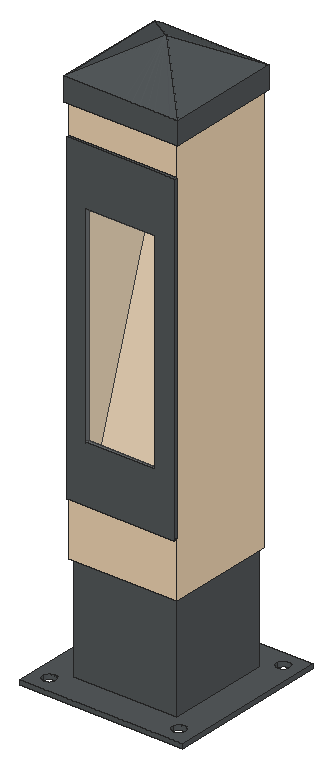
Revit family "Баум", category Осветительные приборы, Revit 2019 (continued)
Types (3, lengths in mm): name | Файл фотометрической сетки | built-in parameter 1150105 | Lumens | built-in parameter 1150106 | built-in parameter 1150142 | Wattage | h_столб низ | h_столб верх | ADSK_Фактическая мощность | ADSK_Размер_Высота | ADSK_Номинальная мощность | ADSK_Наименование | ADSK_Масса_Текст | ADSK_Масса | ADSK_Артикул
    0.2 0.2 0.2 0.4 0.6 0.4 0.4 0.4 0.4 0.4 0.4 0.4 0.4 0.4 0.4 0.4 0.4 0.4 0.4 0.4 0.4 0.4 0.4 0.4 0.4 0.4 0.4\r\n 0.6 0.4 0.4 0.4 0.4 0.4 0.4 0.4 0.4 0.4 0.6 0.4 0.4 0.4 0.4 0.4 0.4 0.4 0.4 0.4 0.4 0.4 0.4 0.4 0.4 0.4 0.4 0.4 0.4 0.4 0.6 0.4\r\n 0.4 0.4 0.4 0.4 0.4 0.4 0.4 0.4 0.4 0.4 0.4 0.4 0.4 0.4 0.4 0.4 0.4 0.4 0.4 0.4 0.4 0.4 0.4 0.4 0.4 0.4 0.4 0.4 0.4 0.4 0.4 0.4\r\n 0.4 0.4 0.4 0.4 0.4 0.4 0.4 0.4 0.4 0.4 0.4 0.4 0.4 0.4 0.4 0.4 0.4 0.4 0.4 0.4 0.4 0.4 0.4 0.4 0.4 0.4 0.4 0.4 0.4 0.4 0.4 0.4\r\n 0.4 0.4 0.4 0.4 0.4 0.4 0.4 0.4 0.4 0.4 0.4 0.4 0.4 0.4 0.4 0.4 0.4 0.4 0.4 0.4 0.4 0.4 0.4 0.4 0.4 0.4 0.4 0.4 0.4 0.4 0.4 0.4\r\n 0.4 0.4 0.4 0.4 0.4 0.4 0.4 0.4 0.4 0.2 0.2 0.2 0.2 0.2 0.2 0.2 0.2 0.2 0.0 0.0 0.0\r\n0.0 0.0 0.2 0.2 0.2 0.2 0.2 0.2 0.4 0.6 0.4 0.4 0.4 0.4 0.4 0.4 0.4 0.4 0.4 0.4 0.4 0.4 0.4 0.4 0.4 0.4 0.4 0.4 0.4 0.4 0.4 0.4\r\n 0.4 0.4 0.4 0.4 0.4 0.6 0.6 0.4 0.4 0.4 0.4 0.7 0.6 0.4 0.4 0.4 0.4 0.4 0.4 0.4 0.4 0.4 0.4 0.4 0.4 0.4 0.4 0.4 0.4 0.4 0.4 0.4\r\n 0.4 0.4 0.4 0.4 0.4 0.4 0.4 0.4 0.4 0.4 0.4 0.4 0.4 0.4 0.4 0.4 0.4 0.4 0.4 0.4 0.4 0.4 0.4 0.4 0.4 0.4 0.4 0.4 0.4 0.4 0.4 0.4\r\n 0.4 0.4 0.4 0.4 0.4 0.4 0.4 0.4 0.4 0.4 0.4 0.4 0.4 0.4 0.4 0.4 0.4 0.4 0.4 0.4 0.4 0.6 0.4 0.4 0.4 0.4 0.4 0.4 0.4 0.4 0.4 0.4\r\n 0.4 0.4 0.4 0.4 0.4 0.4 0.4 0.4 0.4 0.4 0.4 0.4 0.4 0.4 0.4 0.4 0.4 0.4 0.4 0.4 0.4 0.4 0.4 0.4 0.4 0.4 0.4 0.4 0.4 0.4 0.4 0.4\r\n 0.4 0.4 0.4 0.4 0.4 0.4 0.4 0.4 0.4 0.2 0.2 0.2 0.2 0.2 0.2 0.2 0.2 0.2 0.0 0.0 0.0\r\n0.0 0.0 0.2 0.2 0.2 0.2 0.2 0.2 0.4 0.6 0.4 0.4 0.4 0.4 0.4 0.4 0.4 0.4 0.4 0.4 0.4 0.4 0.4 0.4 0.4 0.4 0.4 0.4 0.4 0.4 0.4 0.4\r\n 0.4 0.4 0.4 0.4 0.4 0.6 0.4 0.4 0.4 0.4 0.4 0.6 0.4 0.4 0.4 0.4 0.4 0.4 0.4 0.4 0.4 0.4 0.4 0.4 0.4 0.4 0.4 0.4 0.4 0.4 0.4 0.4\r\n 0.4 0.4 0.4 0.4 0.4 0.4 0.4 0.4 0.4 0.4 0.4 0.4 0.4 0.4 0.4 0.4 0.4 0.4 0.4 0.4 0.4 0.4 0.4 0.4 0.4 0.4 0.4 0.4 0.4 0.4 0.4 0.4\r\n 0.4 0.4 0.4 0.4 0.4 0.4 0.4 0.4 0.4 0.4 0.4 0.4 0.4 0.4 0.4 0.4 0.4 0.4 0.4 0.4 0.4 0.7 0.4 0.4 0.4 0.4 0.4 0.4 0.4 0.4 0.4 0.4\r\n 0.4 0.4 0.4 0.4 0.4 0.4 0.4 0.4 0.4 0.4 0.4 0.4 0.4 0.4 0.4 0.4 0.4 0.4 0.4 0.4 0.4 0.4 0.4 0.4 0.4 0.4 0.4 0.4 0.4 0.4 0.4 0.4\r\n 0.4 0.4 0.4 0.4 0.4 0.4 0.4 0.4 0.4 0.2 0.2 0.2 0.2 0.2 0.2 0.2 0.2 0.2 0.0 0.0 0.0\r\n0.0 0.0 0.2 0.2 0.2 0.2 0.2 0.2 0.4 0.4 0.4 0.4 0.4 0.4 0.4 0.4 0.4 0.4 0.4 0.4 0.4 0.4 0.4 0.4 0.4 0.4 0.4 0.4 0.4 0.4 0.4 0.4\r\n 0.4 0.4 0.4 0.4 0.4 0.4 0.4 0.4 0.4 0.4 0.4 0.4 0.4 0.4 0.4 0.4 0.4 0.4 0.4 0.4 0.4 0.4 0.4 0.4 0.4 0.4 0.4 0.4 0.4 0.4 0.4 0.4\r\n 0.4 0.4 0.4 0.4 0.4 0.4 0.4 0.4 0.4 0.4 0.4 0.4 0.4 0.4 0.4 0.4 0.4 0.4 0.4 0.4 0.4 0.4 0.4 0.4 0.4 0.4 0.4 0.4 0.4 0.4 0.4 0.4\r\n 0.4 0.4 0.4 0.4 0.4 0.4 0.4 0.4 0.4 0.4 0.4 0.4 0.4 0.4 0.4 0.4 0.4 0.4 0.4 0.4 0.4 0.4 0.4 0.4 0.4 0.4 0.4 0.4 0.4 0.4 0.4 0.4\r\n 0.4 0.4 0.4 0.4 0.4 0.4 0.4 0.4 0.4 0.4 0.4 0.4 0.4 0.4 0.4 0.4 0.4 0.4 0.4 0.4 0.4 0.4 0.4 0.4 0.4 0.4 0.4 0.4 0.4 0.4 0.4 0.4\r\n 0.4 0.4 0.4 0.4 0.4 0.4 0.4 0.4 0.4 0.2 0.2 0.2 0.2 0.2 0.2 0.2 0.2 0.2 0.0 0.0 0.0\r\n0.0 0.0 0.2 0.2 0.2 0.2 0.2 0.2 0.4 0.4 0.4 0.4 0.4 0.4 0.4 0.4 0.4 0.4 0.4 0.4 0.4 0.4 0.4 0.4 0.4 0.4 0.4 0.4 0.4 0.4 0.4 0.4\r\n 0.4 0.4 0.4 0.4 0.4 0.4 0.4 0.4 0.4 0.4 0.4 0.4 0.4 0.4 0.4 0.4 0.4 0.4 0.4 0.4 0.4 0.4 0.4 0.4 0.4 0.4 0.4 0.4 0.4 0.4 0.4 0.4\r\n 0.4 0.4 0.4 0.4 0.4 0.4 0.4 0.4 0.4 0.4 0.4 0.4 0.4 0.4 0.4 0.4 0.4 0.4 0.4 0.4 0.4 0.4 0.4 0.4 0.4 0.4 0.4 0.4 0.4 0.4 0.4 0.4\r\n 0.4 0.4 0.4 0.4 0.4 0.4 0.4 0.4 0.4 0.4 0.4 0.4 0.4 0.4 0.4 0.4 0.4 0.4 0.4 0.4 0.4 0.4 0.4 0.4 0.4 0.4 0.4 0.4 0.4 0.4 0.4 0.4\r\n 0.4 0.4 0.4 0.4 0.4 0.4 0.4 0.4 0.4 0.4 0.4 0.4 0.4 0.4 0.4 0.4 0.4 0.4 0.4 0.4 0.4 0.4 0.4 0.4 0.4 0.4 0.4 0.4 0.4 0.4 0.4 0.4\r\n 0.4 0.4 0.4 0.4 0.4 0.4 0.4 0.4 0.4 0.2 0.2 0.2 0.2 0.2 0.2 0.2 0.2 0.2 0.0 0.0 0.0\r\n0.0 0.0 0.2 0.2 0.2 0.2 0.2 0.2 0.4 0.4 0.4 0.4 0.4 0.4 0.4 0.4 0.4 0.4 0.4 0.4 0.4 0.4 0.4 0.4 0.4 0.4 0.4 0.4 0.4 0.4 0.4 0.4\r\n 0.4 0.4 0.4 0.4 0.4 0.4 0.4 0.4 0.4 0.4 0.4 0.4 0.4 0.4 0.4 0.4 0.4 0.4 0.4 0.4 0.4 0.4 0.4 0.4 0.4 0.4 0.4 0.4 0.4 0.4 0.4 0.4\r\n 0.4 0.4 0.4 0.4 0.4 0.4 0.4 0.4 0.4 0.4 0.4 0.4 0.4 0.4 0.4 0.4 0.4 0.4 0.4 0.4 0.4 0.4 0.4 0.4 0.4 0.4 0.4 0.4 0.4 0.4 0.4 0.4\r\n 0.4 0.4 0.4 0.4 0.4 0.4 0.4 0.4 0.4 0.4 0.4 0.4 0.4 0.4 0.4 0.4 0.4 0.4 0.4 0.4 0.4 0.4 0.4 0.4 0.4 0.4 0.4 0.4 0.4 0.4 0.4 0.4\r\n 0.4 0.4 0.4 0.4 0.4 0.4 0.4 0.4 0.4 0.4 0.4 0.4 0.4 0.4 0.4 0.4 0.4 0.4 0.4 0.4 0.4 0.4 0.4 0.4 0.4 0.4 0.4 0.4 0.4 0.4 0.4 0.4\r\n 0.4 0.4 0.4 0.4 0.4 0.4 0.4 0.4 0.4 0.2 0.2 0.2 0.2 0.2 0.2 0.2 0.2 0.2 0.0 0.0 0.0\r\n0.0 0.0 0.2 0.2 0.2 0.2 0.2 0.2 0.4 0.4 0.4 0.4 0.4 0.4 0.4 0.4 0.4 0.4 0.4 0.4 0.4 0.4 0.4 0.4 0.4 0.4 0.4 0.4 0.4 0.4 0.4 0.4\r\n 0.4 0.4 0.4 0.4 0.4 0.4 0.4 0.4 0.4 0.4 0.4 0.4 0.4 0.4 0.4 0.4 0.4 0.4 0.4 0.4 0.4 0.4 0.4 0.4 0.4 0.4 0.4 0.4 0.4 0.4 0.4 0.4\r\n 0.4 0.4 0.4 0.4 0.4 0.4 0.4 0.4 0.4 0.4 0.4 0.4 0.4 0.4 0.4 0.4 0.4 0.4 0.4 0.4 0.4 0.4 0.4 0.4 0.4 0.4 0.4 0.4 0.4 0.4 0.4 0.4\r\n 0.4 0.4 0.4 0.4 0.4 0.4 0.4 0.4 0.4 0.4 0.4 0.4 0.4 0.4 0.4 0.4 0.4 0.4 0.4 0.4 0.4 0.4 0.4 0.4 0.4 0.4 0.4 0.4 0.4 0.4 0.4 0.4\r\n 0.4 0.4 0.4 0.4 0.4 0.4 0.4 0.4 0.4 0.4 0.4 0.4 0.4 0.4 0.4 0.4 0.4 0.4 0.4 0.4 0.4 0.4 0.4 0.4 0.4 0.4 0.4 0.4 0.4 0.4 0.4 0.4\r\n 0.4 0.4 0.4 0.4 0.4 0.4 0.4 0.4 0.4 0.2 0.2 0.2 0.2 0.2 0.2 0.2 0.2 0.2 0.0 0.0 0.0\r\n0.0 0.0 0.2 0.2 0.2 0.2 0.2 0.2 0.4 0.4 0.4 0.4 0.4 0.4 0.4 0.4 0.4 0.4 0.4 0.4 0.4 0.4 0.4 0.4 0.4 0.4 0.4 0.4 0.4 0.4 0.4 0.4\r\n 0.4 0.4 0.4 0.4 0.4 0.4 0.4 0.4 0.4 0.4 0.4 0.4 0.4 0.4 0.4 0.4 0.4 0.4 0.4 0.4 0.4 0.4 0.4 0.4 0.4 0.4 0.4 0.4 0.4 0.4 0.4 0.4\r\n 0.4 0.4 0.4 0.4 0.4 0.4 0.4 0.4 0.4 0.4 0.4 0.4 0.4 0.4 0.4 0.4 0.4 0.4 0.4 0.4 0.4 0.4 0.4 0.4 0.4 0.4 0.4 0.4 0.4 0.4 0.4 0.4\r\n 0.4 0.4 0.4 0.4 0.4 0.4 0.4 0.4 0.4 0.4 0.4 0.4 0.4 0.4 0.4 0.4 0.4 0.4 0.4 0.4 0.4 0.4 0.4 0.4 0.4 0.4 0.4 0.4 0.4 0.4 0.4 0.4\r\n 0.4 0.4 0.4 0.4 0.4 0.4 0.4 0.4 0.4 0.4 0.4 0.4 0.4 0.4 0.4 0.4 0.4 0.4 0.4 0.4 0.4 0.4 0.4 0.4 0.4 0.4 0.4 0.4 0.4 0.4 0.4 0.4\r\n 0.4 0.4 0.4 0.4 0.4 0.4 0.4 0.4 0.4 0.2 0.2 0.2 0.2 0.2 0.2 0.2 0.2 0.2 0.0 0.0 0.0\r\n0.0 0.0 0.2 0.2 0.2 0.2 0.2 0.2 0.4 0.4 0.4 0.4 0.4 0.4 0.4 0.4 0.4 0.4 0.4 0.4 0.4 0.4 0.4 0.4 0.4 0.4 0.4 0.4 0.4 0.4 0.4 0.4\r\n 0.4 0.4 0.4 0.4 0.4 0.4 0.4 0.4 0.4 0.4 0.4 0.4 0.4 0.4 0.4 0.4 0.4 0.4 0.4 0.4 0.4 0.4 0.4 0.4 0.4 0.4 0.4 0.4 0.4 0.4 0.4 0.4\r\n 0.4 0.4 0.4 0.4 0.4 0.4 0.4 0.4 0.4 0.4 0.4 0.4 0.4 0.4 0.4 0.4 0.4 0.4 0.4 0.4 0.4 0.4 0.4 0.4 0.4 0.4 0.4 0.4 0.4 0.4 0.4 0.4\r\n 0.4 0.4 0.4 0.4 0.4 0.4 0.4 0.4 0.4 0.4 0.4 0.4 0.4 0.4 0.4 0.4 0.4 0.4 0.4 0.4 0.4 0.4 0.4 0.4 0.4 0.4 0.4 0.4 0.4 0.4 0.4 0.4\r\n 0.4 0.4 0.4 0.4 0.4 0.4 0.4 0.4 0.4 0.4 0.4 0.4 0.4 0.4 0.4 0.4 0.4 0.4 0.4 0.4 0.4 0.4 0.4 0.4 0.4 0.4 0.4 0.4 0.4 0.4 0.4 0.4\r\n 0.4 0.4 0.4 0.4 0.4 0.4 0.4 0.4 0.4 0.2 0.2 0.2 0.2 0.2 0.2 0.2 0.2 0.2 0.0 0.0 0.0\r\n0.0 0.0 0.2 0.2 0.2 0.2 0.2 0.2 0.4 0.4 0.4 0.4 0.4 0.4 0.4 0.4 0.4 0.4 0.4 0.4 0.4 0.4 0.4 0.4 0.4 0.4 0.4 0.4 0.4 0.4 0.4 0.4\r\n 0.4 0.4 0.4 0.4 0.4 0.4 0.4 0.4 0.4 0.4 0.4 0.4 0.4 0.4 0.4 0.4 0.4 0.4 0.4 0.4 0.4 0.4 0.4 0.4 0.4 0.4 0.4 0.4 0.4 0.4 0.4 0.4\r\n 0.4 0.4 0.4 0.4 0.4 0.4 0.4 0.4 0.4 0.4 0.4 0.4 0.4 0.4 0.4 0.4 0.4 0.4 0.4 0.4 0.4 0.4 0.4 0.4 0.4 0.4 0.4 0.4 0.4 0.4 0.4 0.4\r\n 0.4 0.4 0.4 0.4 0.4 0.4 0.4 0.4 0.4 0.4 0.4 0.4 0.4 0.4 0.4 0.4 0.4 0.4 0.4 0.4 0.4 0.4 0.4 0.4 0.4 0.4 0.4 0.4 0.4 0.4 0.4 0.4\r\n 0.4 0.4 0.4 0.4 0.4 0.4 0.4 0.4 0.4 0.4 0.4 0.4 0.4 0.4 0.4 0.4 0.4 0.4 0.4 0.4 0.4 0.4 0.4 0.4 0.4 0.4 0.4 0.4 0.4 0.4 0.4 0.4\r\n 0.4 0.4 0.4 0.4 0.4 0.4 0.4 0.4 0.4 0.2 0.2 0.2 0.2 0.2 0.2 0.2 0.2 0.2 0.0 0.0 0.0\r\n0.0 0.0 0.0 0.2 0.2 0.2 0.2 0.2 0.4 0.4 0.4 0.4 0.4 0.4 0.4 0.4 0.4 0.4 0.4 0.4 0.4 0.4 0.4 0.4 0.4 0.4 0.4 0.4 0.4 0.4 0.4 0.4\r\n 0.4 0.4 0.4 0.4 0.4 0.4 0.4 0.4 0.4 0.4 0.4 0.4 0.4 0.4 0.4 0.4 0.4 0.4 0.4 0.4 0.4 0.4 0.4 0.4 0.4 0.4 0.4 0.4 0.4 0.4 0.4 0.4\r\n 0.4 0.4 0.4 0.4 0.4 0.4 0.4 0.4 0.4 0.4 0.4 0.4 0.4 0.4 0.4 0.4 0.4 0.4 0.4 0.4 0.4 0.4 0.4 0.4 0.4 0.4 0.4 0.4 0.4 0.4 0.4 0.4\r\n 0.4 0.4 0.4 0.4 0.4 0.4 0.4 0.4 0.4 0.4 0.4 0.4 0.4 0.4 0.4 0.4 0.4 0.4 0.4 0.4 0.4 0.4 0.4 0.4 0.4 0.4 0.4 0.4 0.4 0.4 0.4 0.4\r\n 0.4 0.4 0.4 0.4 0.4 0.4 0.4 0.4 0.4 0.4 0.4 0.4 0.4 0.4 0.4 0.4 0.4 0.4 0.4 0.4 0.4 0.4 0.4 0.4 0.4 0.4 0.4 0.4 0.4 0.4 0.4 0.4\r\n 0.4 0.4 0.4 0.4 0.4 0.4 0.4 0.4 0.4 0.2 0.2 0.2 0.2 0.2 0.2 0.2 0.2 0.2 0.0 0.0 0.0\r\n0.0 0.0 0.0 0.2 0.2 0.2 0.2 0.2 0.4 0.4 0.4 0.4 0.4 0.4 0.4 0.4 0.4 0.4 0.4 0.4 0.4 0.4 0.4 0.4 0.4 0.4 0.4 0.4 0.4 0.4 0.4 0.4\r\n 0.4 0.4 0.4 0.4 0.4 0.4 0.4 0.4 0.4 0.4 0.4 0.4 0.4 0.4 0.4 0.4 0.4 0.4 0.4 0.4 0.4 0.4 0.4 0.4 0.4 0.4 0.4 0.4 0.4 0.4 0.4 0.4\r\n 0.4 0.4 0.4 0.4 0.4 0.4 0.4 0.4 0.4 0.4 0.4 0.4 0.4 0.4 0.4 0.4 0.4 0.4 0.4 0.4 0.4 0.4 0.4 0.4 0.4 0.4 0.4 0.4 0.4 0.4 0.4 0.4\r\n 0.4 0.4 0.4 0.4 0.4 0.4 0.4 0.4 0.4 0.4 0.4 0.4 0.4 0.4 0.4 0.4 0.4 0.4 0.4 0.4 0.4 0.4 0.4 0.4 0.4 0.4 0.4 0.4 0.4 0.4 0.4 0.4\r\n 0.4 0.4 0.4 0.4 0.4 0.4 0.4 0.4 0.4 0.4 0.4 0.4 0.4 0.4 0.4 0.4 0.4 0.4 0.4 0.4 0.4 0.4 0.4 0.4 0.4 0.4 0.4 0.4 0.4 0.4 0.4 0.4\r\n 0.4 0.4 0.4 0.4 0.4 0.4 0.4 0.4 0.4 0.2 0.2 0.2 0.2 0.2 0.2 0.2 0.2 0.2 0.0 0.0 0.0\r\n0.0 0.0 0.0 0.2 0.2 0.2 0.2 0.2 0.4 0.4 0.4 0.4 0.4 0.4 0.4 0.4 0.4 0.4 0.4 0.4 0.4 0.4 0.4 0.4 0.4 0.6 0.4 0.4 0.4 0.4 0.4 0.4\r\n 0.4 0.4 0.4 0.4 0.4 0.4 0.4 0.4 0.4 0.4 0.4 0.4 0.4 0.4 0.4 0.4 0.4 0.4 0.4 0.4 0.4 0.4 0.4 0.4 0.4 0.4 0.4 0.4 0.4 0.4 0.4 0.4\r\n 0.4 0.4 0.4 0.4 0.4 0.4 0.4 0.4 0.4 0.4 0.4 0.4 0.4 0.4 0.4 0.4 0.4 0.4 0.4 0.4 0.4 0.4 0.4 0.4 0.4 0.4 0.4 0.4 0.4 0.4 0.4 0.4\r\n 0.4 0.4 0.4 0.4 0.4 0.4 0.4 0.4 0.4 0.4 0.4 0.4 0.4 0.4 0.4 0.4 0.4 0.4 0.4 0.4 0.4 0.4 0.4 0.4 0.4 0.4 0.4 0.4 0.4 0.4 0.4 0.4\r\n 0.4 0.4 0.4 0.4 0.4 0.4 0.4 0.4 0.4 0.4 0.4 0.4 0.4 0.4 0.4 0.4 0.4 0.4 0.4 0.4 0.4 0.4 0.4 0.4 0.4 0.4 0.4 0.4 0.4 0.4 0.4 0.4\r\n 0.4 0.4 0.4 0.4 0.4 0.4 0.4 0.4 0.4 0.2 0.2 0.2 0.2 0.2 0.2 0.2 0.2 0.2 0.0 0.0 0.0\r\n0.0 0.0 0.0 0.2 0.2 0.2 0.2 0.2 0.4 0.4 0.4 0.4 0.4 0.4 0.4 0.4 0.4 0.4 0.4 0.4 0.4 0.4 0.4 0.4 0.4 0.4 0.4 0.4 0.4 0.4 0.4 0.4\r\n 0.4 0.4 0.4 0.4 0.4 0.4 0.4 0.4 0.4 0.4 0.4 0.4 0.4 0.4 0.4 0.4 0.4 0.4 0.4 0.4 0.4 0.4 0.4 0.4 0.4 0.4 0.4 0.4 0.4 0.4 0.4 0.4\r\n 0.4 0.4 0.4 0.4 0.4 0.4 0.4 0.4 0.4 0.4 0.4 0.4 0.4 0.4 0.4 0.4 0.4 0.4 0.4 0.4 0.4 0.4 0.4 0.4 0.4 0.4 0.4 0.4 0.4 0.4 0.4 0.4\r\n 0.4 0.4 0.4 0.4 0.4 0.4 0.4 0.4 0.4 0.4 0.4 0.4 0.4 0.4 0.4 0.4 0.4 0.4 0.4 0.4 0.4 0.4 0.4 0.4 0.4 0.4 0.4 0.4 0.4 0.4 0.4 0.4\r\n 0.4 0.4 0.4 0.4 0.4 0.4 0.4 0.4 0.4 0.4 0.4 0.4 0.4 0.6 0.4 0.4 0.4 0.4 0.4 0.4 0.4 0.4 0.4 0.4 0.4 0.4 0.4 0.4 0.4 0.4 0.4 0.4\r\n 0.4 0.4 0.4 0.4 0.4 0.4 0.4 0.4 0.4 0.2 0.2 0.2 0.2 0.2 0.2 0.2 0.2 0.2 0.0 0.0 0.0\r\n0.0 0.0 0.0 0.0 0.2 0.2 0.2 0.2 0.4 0.4 0.4 0.4 0.4 0.4 0.4 0.4 0.4 0.4 0.4 0.4 0.4 0.4 0.4 0.4 0.4 0.4 0.4 0.4 0.4 0.4 0.4 0.4\r\n 0.4 0.4 0.4 0.4 0.4 0.4 0.4 0.4 0.4 0.4 0.4 0.4 0.4 0.4 0.4 0.4 0.4 0.4 0.4 0.4 0.4 0.4 0.4 0.4 0.4 0.4 0.4 0.4 0.4 0.4 0.4 0.4\r\n 0.4 0.4 0.4 0.4 0.4 0.4 0.4 0.4 0.4 0.4 0.4 0.4 0.4 0.4 0.4 0.4 0.4 0.4 0.4 0.4 0.4 0.4 0.4 0.4 0.4 0.4 0.4 0.4 0.4 0.4 0.4 0.4\r\n 0.4 0.4 0.4 0.4 0.4 0.4 0.4 0.4 0.4 0.4 0.4 0.4 0.4 0.4 0.4 0.4 0.4 0.4 0.4 0.4 0.4 0.4 0.4 0.4 0.4 0.4 0.4 0.4 0.4 0.4 0.4 0.4\r\n 0.4 0.4 0.4 0.4 0.4 0.4 0.4 0.4 0.4 0.4 0.4 0.4 0.4 0.4 0.4 0.4 0.4 0.4 0.4 0.4 0.4 0.4 0.4 0.4 0.4 0.4 0.4 0.4 0.4 0.4 0.4 0.4\r\n 0.4 0.4 0.4 0.4 0.4 0.4 0.4 0.4 0.4 0.2 0.2 0.2 0.2 0.2 0.2 0.2 0.2 0.2 0.0 0.0 0.0\r\n0.0 0.0 0.0 0.0 0.2 0.2 0.2 0.2 0.4 0.4 0.4 0.4 0.4 0.4 0.4 0.4 0.4 0.4 0.4 0.4 0.4 0.4 0.4 0.4 0.4 0.4 0.4 0.4 0.4 0.4 0.4 0.4\r\n 0.4 0.4 0.4 0.4 0.4 0.4 0.4 0.4 0.4 0.4 0.4 0.4 0.4 0.4 0.4 0.4 0.4 0.4 0.4 0.4 0.4 0.4 0.4 0.4 0.4 0.4 0.4 0.4 0.4 0.4 0.4 0.4\r\n 0.4 0.4 0.4 0.4 0.4 0.4 0.4 0.4 0.4 0.4 0.4 0.4 0.4 0.4 0.4 0.4 0.4 0.4 0.4 0.4 0.4 0.4 0.4 0.4 0.4 0.4 0.4 0.4 0.4 0.4 0.4 0.4\r\n 0.4 0.4 0.4 0.4 0.4 0.4 0.4 0.4 0.4 0.4 0.4 0.4 0.4 0.4 0.4 0.4 0.4 0.4 0.4 0.4 0.4 0.4 0.4 0.4 0.4 0.4 0.4 0.4 0.4 0.4 0.4 0.4\r\n 0.4 0.4 0.4 0.4 0.4 0.4 0.4 0.4 0.4 0.4 0.4 0.4 0.4 0.4 0.4 0.4 0.4 0.4 0.4 0.4 0.4 0.4 0.4 0.4 0.4 0.4 0.4 0.4 0.4 0.4 0.4 0.4\r\n 0.4 0.4 0.4 0.4 0.4 0.4 0.4 0.4 0.4 0.2 0.2 0.2 0.2 0.2 0.2 0.2 0.2 0.2 0.0 0.0 0.0\r\n0.0 0.0 0.0 0.0 0.2 0.2 0.2 0.2 0.4 0.4 0.4 0.4 0.4 0.4 0.4 0.4 0.4 0.4 0.4 0.4 0.4 0.4 0.4 0.4 0.4 0.4 0.4 0.4 0.4 0.4 0.4 0.4\r\n 0.4 0.4 0.4 0.4 0.4 0.4 0.4 0.4 0.4 0.4 0.4 0.4 0.4 0.4 0.4 0.4 0.4 0.4 0.4 0.4 0.4 0.4 0.4 0.4 0.4 0.4 0.4 0.4 0.4 0.4 0.4 0.4\r\n 0.4 0.4 0.4 0.4 0.4 0.4 0.4 0.4 0.4 0.4 0.4 0.4 0.4 0.4 0.4 0.4 0.4 0.4 0.4 0.4 0.4 0.4 0.4 0.4 0.4 0.4 0.4 0.4 0.4 0.4 0.4 0.4\r\n 0.4 0.4 0.4 0.4 0.4 0.4 0.4 0.4 0.4 0.4 0.4 0.4 0.4 0.4 0.4 0.4 0.4 0.4 0.4 0.4 0.4 0.4 0.4 0.4 0.4 0.4 0.4 0.4 0.4 0.4 0.4 0.4\r\n 0.4 0.4 0.4 0.4 0.4 0.4 0.4 0.4 0.4 0.4 0.4 0.4 0.4 0.4 0.4 0.4 0.4 0.4 0.4 0.4 0.4 0.4 0.4 0.4 0.4 0.4 0.4 0.4 0.4 0.4 0.4 0.4\r\n 0.4 0.4 0.4 0.4 0.4 0.4 0.4 0.4 0.4 0.2 0.2 0.2 0.2 0.2 0.2 0.2 0.2 0.2 0.0 0.0 0.0\r\n0.0 0.0 0.0 0.0 0.0 0.2 0.2 0.2 0.4 0.4 0.4 0.4 0.4 0.4 0.4 0.4 0.4 0.4 0.4 0.4 0.4 0.4 0.4 0.4 0.4 0.4 0.4 0.4 0.4 0.4 0.4 0.4\r\n 0.4 0.4 0.4 0.4 0.4 0.4 0.4 0.4 0.4 0.4 0.4 0.4 0.4 0.4 0.4 0.4 0.4 0.4 0.4 0.4 0.4 0.4 0.4 0.4 0.4 0.4 0.4 0.4 0.4 0.4 0.4 0.4\r\n 0.4 0.4 0.4 0.4 0.4 0.4 0.4 0.4 0.4 0.4 0.4 0.4 0.4 0.4 0.4 0.4 0.4 0.4 0.4 0.4 0.4 0.4 0.4 0.4 0.4 0.4 0.4 0.4 0.4 0.4 0.4 0.4\r\n 0.4 0.4 0.4 0.4 0.4 0.4 0.4 0.4 0.4 0.4 0.4 0.4 0.4 0.4 0.4 0.4 0.4 0.4 0.4 0.4 0.4 0.4 0.4 0.4 0.4 0.4 0.4 0.4 0.4 0.4 0.4 0.4\r\n 0.4 0.4 0.4 0.4 0.4 0.4 0.4 0.4 0.4 0.4 0.4 0.4 0.4 0.4 0.4 0.4 0.4 0.4 0.4 0.4 0.4 0.4 0.4 0.4 0.4 0.4 0.4 0.4 0.4 0.4 0.4 0.4\r\n 0.4 0.4 0.4 0.4 0.4 0.4 0.4 0.4 0.4 0.2 0.2 0.2 0.2 0.2 0.2 0.2 0.2 0.2 0.0 0.0 0.0\r\n0.0 0.0 0.0 0.0 0.0 0.2 0.2 0.2 0.4 0.4 0.4 0.4 0.4 0.4 0.4 0.4 0.4 0.4 0.4 0.4 0.4 0.4 0.4 0.4 0.4 0.4 0.4 0.4 0.4 0.4 0.4 0.4\r\n 0.4 0.4 0.4 0.4 0.4 0.4 0.4 0.4 0.4 0.4 0.4 0.4 0.4 0.4 0.4 0.4 0.4 0.4 0.4 0.4 0.4 0.4 0.4 0.4 0.4 0.4 0.4 0.4 0.4 0.4 0.4 0.4\r\n 0.4 0.4 0.4 0.4 0.4 0.4 0.4 0.4 0.4 0.4 0.4 0.4 0.4 0.4 0.4 0.4 0.4 0.4 0.4 0.4 0.4 0.4 0.4 0.4 0.4 0.4 0.4 0.4 0.4 0.4 0.4 0.4\r\n 0.4 0.4 0.4 0.4 0.4 0.4 0.4 0.4 0.4 0.4 0.4 0.4 0.4 0.4 0.4 0.4 0.4 0.4 0.4 0.4 0.4 0.4 0.4 0.4 0.4 0.4 0.4 0.4 0.4 0.4 0.4 0.4\r\n 0.4 0.4 0.4 0.4 0.4 0.4 0.4 0.4 0.4 0.4 0.4 0.4 0.4 0.4 0.4 0.4 0.4 0.4 0.4 0.4 0.4 0.4 0.4 0.4 0.4 0.4 0.4 0.4 0.4 0.4 0.4 0.4\r\n 0.4 0.4 0.4 0.4 0.4 0.4 0.4 0.4 0.4 0.2 0.2 0.2 0.2 0.2 0.2 0.2 0.2 0.2 0.0 0.0 0.0\r\n0.0 0.0 0.0 0.0 0.0 0.2 0.2 0.2 0.4 0.4 0.4 0.4 0.4 0.4 0.4 0.4 0.4 0.4 0.4 0.4 0.4 0.4 0.4 0.4 0.4 0.4 0.4 0.4 0.4 0.4 0.4 0.4\r\n 0.4 0.4 0.4 0.4 0.4 0.4 0.4 0.4 0.4 0.4 0.4 0.4 0.4 0.4 0.4 0.4 0.4 0.4 0.4 0.6 0.4 0.4 0.4 0.4 0.4 0.4 0.4 0.4 0.4 0.4 0.4 0.4\r\n 0.4 0.4 0.4 0.4 0.4 0.4 0.4 0.4 0.4 0.4 0.4 0.4 0.4 0.4 0.4 0.4 0.4 0.4 0.4 0.4 0.4 0.4 0.4 0.4 0.4 0.4 0.4 0.4 0.4 0.4 0.4 0.4\r\n 0.4 0.4 0.4 0.4 0.4 0.4 0.4 0.4 0.4 0.4 0.4 0.4 0.4 0.4 0.4 0.4 0.4 0.4 0.4 0.4 0.4 0.4 0.4 0.4 0.4 0.4 0.4 0.4 0.4 0.4 0.4 0.4\r\n 0.4 0.4 0.4 0.4 0.4 0.4 0.4 0.4 0.4 0.4 0.4 0.4 0.4 0.4 0.4 0.4 0.4 0.4 0.4 0.4 0.4 0.4 0.4 0.4 0.4 0.4 0.4 0.4 0.4 0.4 0.4 0.4\r\n 0.4 0.4 0.4 0.4 0.4 0.4 0.4 0.4 0.4 0.4 0.2 0.2 0.2 0.2 0.2 0.2 0.2 0.2 0.0 0.0 0.0\r\n0.0 0.0 0.0 0.0 0.0 0.2 0.2 0.2 0.4 0.4 0.4 0.4 0.4 0.4 0.4 0.4 0.4 0.4 0.4 0.4 0.4 0.4 0.4 0.4 0.4 0.4 0.4 0.4 0.4 0.4 0.4 0.4\r\n 0.4 0.4 0.4 0.4 0.4 0.4 0.4 0.4 0.4 0.4 0.4 0.4 0.4 0.4 0.4 0.4 0.4 0.4 0.4 0.4 0.4 0.4 0.4 0.4 0.4 0.4 0.4 0.4 0.4 0.4 0.4 0.4\r\n 0.4 0.4 0.4 0.4 0.4 0.4 0.4 0.4 0.4 0.4 0.4 0.4 0.4 0.4 0.4 0.4 0.4 0.4 0.4 0.4 0.4 0.4 0.4 0.4 0.4 0.4 0.4 0.4 0.4 0.4 0.4 0.4\r\n 0.4 0.4 0.4 0.4 0.4 0.4 0.4 0.4 0.4 0.4 0.4 0.4 0.4 0.4 0.4 0.4 0.4 0.4 0.4 0.4 0.4 0.4 0.4 0.4 0.4 0.4 0.4 0.4 0.4 0.4 0.4 0.4\r\n 0.4 0.4 0.4 0.4 0.4 0.4 0.4 0.4 0.4 0.4 0.4 0.4 0.4 0.4 0.4 0.4 0.4 0.4 0.4 0.4 0.4 0.4 0.4 0.4 0.4 0.4 0.4 0.4 0.4 0.4 0.4 0.4\r\n 0.4 0.4 0.4 0.4 0.4 0.4 0.4 0.4 0.4 0.4 0.2 0.2 0.2 0.2 0.2 0.2 0.2 0.0 0.0 0.0 0.0\r\n0.0 0.0 0.0 0.0 0.0 0.2 0.2 0.2 0.4 0.4 0.4 0.4 0.4 0.4 0.4 0.4 0.4 0.4 0.4 0.4 0.4 0.4 0.4 0.4 0.4 0.4 0.4 0.4 0.4 0.4 0.4 0.4\r\n 0.4 0.4 0.4 0.4 0.4 0.4 0.4 0.4 0.4 0.4 0.4 0.4 0.4 0.4 0.4 0.4 0.4 0.4 0.4 0.4 0.4 0.4 0.4 0.4 0.4 0.4 0.4 0.4 0.4 0.4 0.4 0.4\r\n 0.4 0.4 0.4 0.4 0.4 0.4 0.4 0.4 0.4 0.4 0.4 0.4 0.4 0.4 0.4 0.4 0.4 0.4 0.4 0.4 0.4 0.4 0.4 0.4 0.4 0.4 0.4 0.4 0.4 0.4 0.4 0.4\r\n 0.4 0.4 0.4 0.4 0.4 0.4 0.4 0.4 0.4 0.4 0.4 0.4 0.4 0.4 0.4 0.4 0.4 0.4 0.4 0.4 0.4 0.4 0.4 0.4 0.4 0.4 0.4 0.4 0.4 0.4 0.4 0.4\r\n 0.4 0.4 0.4 0.4 0.4 0.4 0.4 0.4 0.4 0.4 0.4 0.4 0.4 0.4 0.4 0.4 0
